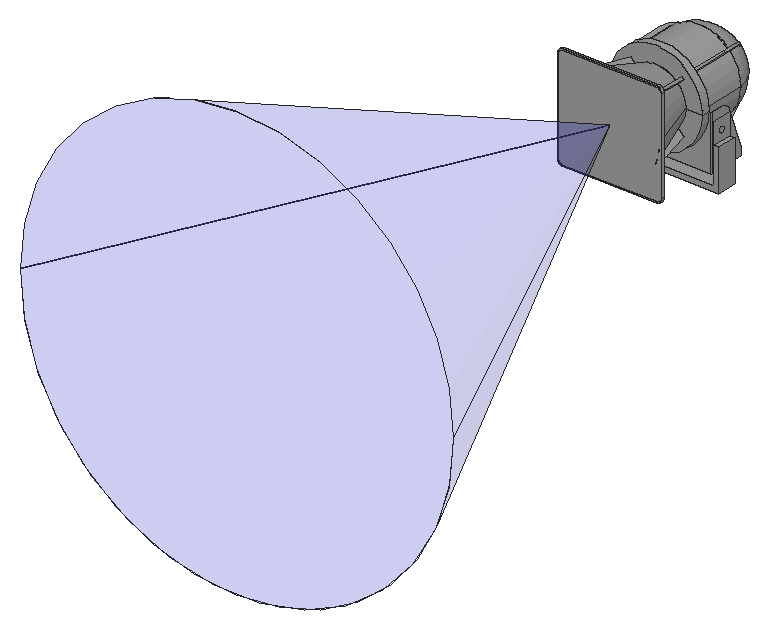
Revit family "AH54-15-BSG", category Communication Devices, Revit 2014
Parameters (values of type "Full-Range, Outdoor, Horn Loudspeaker")
  Speaker Listening Height [instance] = 30.00"
  Speaker Height [instance] = 120.00"
  Speaker Dispersion = 50.00°
  Speaker Cone Visible [instance] = yes
  Cost = 1816.99
  Angle [instance] = 0.00°
  Width = 21.41"
  Weight Product = 87
  Warranty = "5 Year"
  Vertical Symmetry = yes
  URL = "www.atlassound.com"
  Transformer Option = yes
  Specification by User (default) = "TBD"
  Sensitivity = 104
  ScheduleType |RF| = "AtlasIED Master"
  SPL Max = 107
  Rotation = 0.00°
  Product Page URL = "https://www.atlasied.com/Product/ProductDetails?productId=3103"
  Product Documentation Link = "https://www.atlasied.com/f/705/ATS004764%20AH54-15-BSG%20Data%20Sheet%20RevA.pdf"
  Power Rating (RMS) = "250 Watts (53V) RMS"
  Power Handling = 250
  Pitch = 0.00°
  OmniClass Title = "SPEAKERS"
  OmniClass Number = "23-37 17 13 19"
  Mount Material = Default
  Model = "AH54-15-BSG"
  Maximum Output = "128dB"
  MaterFormat Title = "SPEAKERS"
  MasterFormat = "27 41 13"
  Market = "Commercial, Higher Education, Emergency"
  Manufacturer URL = "https://www.atlasied.com"
  Manufacturer Phone = "(800) 876 - 3333"
  Manufacturer Email = "support@atlasied.com"
  Manufacturer Address = "4545 E. Baseline Rd., Phoenix, AZ 85042"
  Manufacturer = "ATLAS SOUND"
  Input Connectors = "Barrier Terminal"
  Ingress Protection = "IP45 When Tilted 5° Downwards"
  Impedance = 8
  IQ Category = "SPEAKERS"
  Height = 23.75"
  Grill Material = QF_Plastic - Black - Fine Textured
  Frequency Response  = "75Hz - 17kHz (±5dB)"
  Family Version [instance] = "2017-01"
  Family Code (default) = "LOUD SPEAKERS"
  Enclosure Material = none
  Dispersion Angle = 1.00°
  Description = "15\" 2-WAY STADIUM HORN LOUDSPEAKER SYSTEM 50° X 40°"
  Depth = 28.75"
  Coverage Vertical = 0.00°
  Coverage Horizontal = 20.00°
  Cost MSRP = 1816.99
  Color = none
  Body Material = Default
  Baffle Material = none
  70V Taps = "32.00 W"
  100V Taps = "32.00 W"
Reference planes (in)
  plane 1 "Center (Front/Back)": y = 0
  plane 2: z = 0
  plane 3 "Center (Left/Right)": x = 0
  plane 4: z = 23.75
  plane 5: x = 10.74701
  plane 6: x = -10.66299
  plane 7: z = 3.5
  plane 8: z = 22.6875
  plane 9: z = 10.125
  plane 10: y = -15.81161
  plane 11: y = 12.93839
  plane 12: y = -14.19524
  plane 13: y = 14.55476
  plane 14: y = 0.77594
Forms (in)
  Extrusion 1, solid, material "Default" <- "Mount Material"
    sketch origin (0, -1.16406, 13.66826) x (0, 0, -1) y (1, 0, 0)
      loop
        line (13.66826, 10.74701) -> (5.66826, 10.74701) -> (5.66826, 9.74701) -> (1.66826, 9.74701) -> (1.66826, 9.64201) -> (5.74123, 9.64201) -> (5.74123, 9.74701) -> (12.66826, 9.74701) -> (12.66826, -9.66299) -> (5.74123, -9.66299) -> (5.74123, -9.55799) -> (1.66826, -9.55799) -> (1.66826, -9.66299) -> (5.66826, -9.66299) -> (5.66826, -10.66299) -> (13.66826, -10.66299) -> (13.66826, 10.74701)
    from 0 to -3.88
  Revolve 2, solid, material "QF_Metal - Stainless - Polished"
    sketch origin (0, -1.23356, 10.125) x (1, 0, 0) y (0, 1, 0)
      loop
        line (1.06703, 2.0095) -> (2.43821, 2.0095) -> (2.43821, 2.2595) -> (1.06703, 2.2595) -> (1.06703, 2.0095)
      axis (1.06703, 2.0095) -> (2.43821, 2.0095)
    angle from 0 <- "Angle" to 225.204
Dimensions and locks (in)
  "Height": plane 4 to level
  "Width": plane 6 to plane 5
  plane 4 to plane 7 = 20.25"
  locked: plane 9 to level at 10.125
  "Depth": plane 12 to plane 13
  aligned and locked: plane 2 to level
Automatic sketch dimensions
  Extrusion 1 sketch curve to plane 5 = 0.00"
  Extrusion 1 sketch curve to plane 6 = 0.00"
  Extrusion 1 sketch curve to level = 0.00"
  level to Extrusion 1 sketch curve = 1.00"
  Extrusion 1 sketch curve to plane 9 = 2.19798"  (x2)
  Extrusion 1 sketch curve to plane 5 = 1.00"
  Extrusion 1 sketch curve to Extrusion 1 sketch curve = 0.07298"  (x2)
  plane 9 to Extrusion 1 sketch curve = 1.875"  (x2)
  plane 6 to Extrusion 1 sketch curve = 1.00"  (x2)
  Extrusion 1 sketch curve to Extrusion 1 sketch curve = 0.105"  (x2)
  Extrusion 1 sketch curve to Extrusion 1 sketch curve = 0.00"
  plane 14 to Revolve 2 sketch curve = 0.00"  (x2)
  plane 3 "Center (Left/Right)" to Revolve 2 sketch curve = 1.06703"
  plane 14 to Revolve 2 sketch curve = 0.25"
  Revolve 2 sketch curve to Revolve 2 sketch curve = 1.37117"
  Revolve 2 sketch curve to Revolve 2 sketch curve = 1.06179"
  Revolve 2 sketch curve to Revolve 2 sketch curve = 0.59789"
Nested families (in)
  nested 1: "AH5415BSG" at (0, 0.17976, 10.125), Speaker Cone Visible <- "Speaker Cone Visible", Speaker Listening Height <- "Speaker Listening Height", Speaker Height <- "Speaker Height", Speaker Dispersion <- "Speaker Dispersion", type "Full-Range, Outdoor, Horn Loudspeaker"
    with Weight Dimensional/Shipping 0, Speaker Listening Height 30.00", Speaker Height 120.00", Speaker Dispersion 50.00°, Speaker Cone Visible yes, Speaker Cone Height 90.00", Radius of Speaker Cone 41.96769", Operating Frequency Range "", Flasher Type "", Flasher Lumens "", Family Version ""
Definition of nested family "AH5415BSG"
  Parameters (values of type "Full-Range, Outdoor, Horn Loudspeaker")
    Woofer Size = 0
    Woofer Impedence = "8Ω Nominal"
    Width = 21.41"
    Weight Product = 87
    Weight Dimensional/Shipping [instance] = 0
    Weight Dimensional = 0
    Warranty = ""
    Voltage DC = ""
    Voltage AC = ""
    Viewable Dimensions (HxW) = 0
    Vertical Symmetry = yes
    URL = "www.atlassound.com"
    Type Driver = "1\" HF & 15\" LF."
    Transformer Option = yes
    Sustainability Rating = ""
    Splay Angle Minimum = 0.00°
    Splay Angle Maximum = 0.00°
    Specification by User (default) = ""
    Specification by Manufacturer = ""
    Speaker Type = "S1"
    Speaker Listening Height [instance] = 30.00"
    Speaker Height [instance] = 120.00"
    Speaker Dispersion [instance] = 50.00°
    Speaker Data Link = ""
    Speaker Cone Visible [instance] = no
    Speaker Cone Height [instance] = (Speaker Height - Speaker Listening Height)  # 90.00"
    Shipping Dimensions = ""
    Serial Number = ""
    Sensitivity 5 = 0
    Sensitivity 4 = 0
    Sensitivity 3 = 0
    Sensitivity 2 = 0
    Sensitivity = 104
    Seismic Rating = ""
    ScheduleType |RF| = "AtlasIED Master"
    Safety Features = ""
    Safety Agency Ratings = ""
    SPL Stimulus = ""
    SPL Measurement Bandwidth = ""
    SPL Max = 107
    Rotation = 0.00°
    Regulatory Compliance = ""
    Recommended Signal Processing = ""
    Recommended Power Amplification = ""
    Radius of Speaker Cone [instance] = (Speaker Cone Height) * tan(Speaker Dispersion / 2)  # 41.96769"
    Product Page URL = "https://www.atlasied.com/Product/ProductDetails?productId=3103"
    Product Documentation Link = "https://www.atlasied.com/f/705/ATS004764%20AH54-15-BSG%20Data%20Sheet%20RevA.pdf"
    Power Standby = 0
    Power Rating (RMS) = "250 Watts (53V) RMS"
    Power Peak = 0
    Power Handling 5 = 0
    Power Handling 4 = 0
    Power Handling 3 = 0
    Power Handling 2 = 0
    Power Handling = 250
    Power Factor = 0
    Power Active = 0
    Pitch = 0.00°
    Part Number = "AH54-15-BSG"
    Outdoor/Weather Rating = ""
    Operation Mode = ""
    Operating Frequency Range [instance] = ""
    OmniClass Title = "SPEAKERS"
    OmniClass Number = "23-37 17 13 19"
    Number of Bands = 0
    Noise = 0
    Mounting/Rigging Provisions = ""
    Mount Material = Default
    Model = "AH54-15-BSG"
    Minimum Impedence = "5.6Ω @ 9000Hz Nominal -6dB Minimum"
    Maximum Output = "128dB"
    Max Input Ratings (8Ω) = ""
    Max Character Height = 0
    MaterFormat Title = ""
    MasterFormat = "27 41 13"
    Market = "Commercial, Higher Education, Emergency"
    Manufacturer URL = "https://www.atlasied.com"
    Manufacturer Phone = "(800) 876 - 3333"
    Manufacturer Email = "support@atlasied.com"
    Manufacturer Address = "4545 E. Baseline Rd., Phoenix, AZ 85042"
    Manufacturer = "ATLAS SOUND"
    Loudspeaker Level = ""
    Input Connectors = "Barrier Terminal, Transformer/ 4Ω Direct"
    Ingress Protection = "IP45 When Tilted 5° Downwards"
    Impedance 5 = 0
    Impedance 4 = 0
    Impedance 3 = 0
    Impedance 2 = 0
    Impedance = 8
    IQ Category = "SPEAKERS"
    Horizontal Symmetry = yes
    Height = 23.75"
    Heat Load Standby = 0
    Heat Load Active = 0
    HF Driver = ""
    Grill Material = QF_Plastic - Black - Fine Textured
    Frequency Response  = "75Hz - 17kHz (±5dB)"
    Flasher Type [instance] = ""
    Flasher Lumens Rating = ""
    Flasher Lumens [instance] = ""
    Family Version [instance] = ""
    Family Code (default) = ""
    Extended Low Frequency Response = "80Hz (–5dB)"
    Environmental Testing = ""
    Enclusure Volume = 2296
    Enclosure Material = none
    Dispersion Angle = 50.00°
    Diameter = 0
    Description = "15\" 2-WAY STADIUM HORN LOUDSPEAKER SYSTEM 50° X 40°"
    Depth = 28.75"
    Cutout Diameter = 0
    Current Draw = 0
    Crossover Frequency = "1.4 kHz"
    Coverage Vertical = 40.00°
    Coverage Horizontal = 50.00°
    Coverage = ""
    Cost MSRP = 1816.99
    Controls = ""
    Communication Ports = ""
    Communication Formats = ""
    Color = none
    Body Material = Default
    Baffle Material = none
    Azimuth = 0.00°
    70V Taps = "32.00 W"
    25V Taps = "0.00 W"
    100V Taps = "32.00 W"
  Reference planes (in)
    plane 1 "Center (Front/Back)": y = 0
    plane 2: z = 0
    plane 3 "Center (Left/Right)": x = 0
    plane 4: z = 23.75
    plane 5: y = 14.375
    plane 6: y = -14.375
    plane 7: x = 10.74701
    plane 8: x = -10.66299
    plane 9: z = 3.5
    plane 10: y = 0.255
    plane 11: z = 22.6875
  Forms (in)
    Extrusion 1, solid, material "QF_Plastic - Black - Fine Textured" <- "Grill Material"
      sketch origin (-5.92216, -14.375, 37.875) x (-1, 0, 0) y (0, 0, 1)
        loop
          arc (4.03208, -25.3125) -> (3.75896, -24.65312) -> (3.09958, -24.38) r 0.9325
          line (3.09958, -24.38) -> (-15.02542, -24.38)
          arc (-15.02542, -24.38) -> (-15.68479, -24.65312) -> (-15.95792, -25.3125) r 0.9325
          line (-15.95792, -25.3125) -> (-15.95792, -43.4375)
          arc (-15.95792, -43.4375) -> (-15.68479, -44.09688) -> (-15.02542, -44.37) r 0.9325
          line (-15.02542, -44.37) -> (3.09958, -44.37)
          arc (3.09958, -44.37) -> (3.75896, -44.09688) -> (4.03208, -43.4375) r 0.9325
          line (4.03208, -43.4375) -> (4.03208, -25.3125)
      from 0 to 0.50586
    Revolve 2, solid, material "Default" <- "Body Material"
      sketch origin (0, 0, 3.54326) x (1, 0, 0) y (0, 1, 0)
        loop
          arc (0, 14.38074) -> (-5.31131, 12.37243) -> (-8.01824, 7.38086) r 8.14198
          line (-8.01824, 7.38086) -> (-8.01824, -1.61914) -> (-9.01924, -1.61914) -> (-9.01924, -3.11884) -> (-5.72654, -3.11884) -> (-9.39746, -13.86914) -> (0, -13.86914) -> (0, 14.38074)
        axis (0, -13.86914) -> (0, 14.38074)
      angle from 0 to 360
    Extrusion 3, solid, material "Default" <- "Body Material"
      sketch origin (-9.66492, 0, -6.12166) x (0, 1, 0) y (0.707107, 0, 0.707107)
        loop
          arc (7.38086, 21.6865) -> (10.49336, 20.66282) -> (12.8478, 18.38417) r 7.32233
          arc (12.8478, 18.38417) -> (9.73484, 21.30118) -> (5.62261, 22.4365) r 8.90911
          line (5.62261, 22.4365) -> (-1.61914, 22.4365) -> (-1.61914, 21.6865) -> (7.38086, 21.6865)
        loop
          line (7.38086, 5.65001) -> (-1.61914, 5.65001) -> (-1.61914, 4.90001) -> (5.62261, 4.90001)
          arc (5.62261, 4.90001) -> (9.73484, 6.03533) -> (12.8478, 8.95234) r 8.90911
          arc (12.8478, 8.95234) -> (10.49336, 6.67369) -> (7.38086, 5.65001) r 7.32233
        loop
          line (-13.86914, 23.31938) -> (-13.86914, 23.06571) -> (-3.11884, 19.3948) -> (-3.11884, 20.9069) -> (-13.86914, 23.31938)
        loop
          line (-13.86914, 4.01713) -> (-3.11884, 6.42961) -> (-3.11884, 7.94171) -> (-13.86914, 4.2708) -> (-13.86914, 4.01713)
      from -0.25 to 0.25
    Extrusion 4, solid, material "Default" <- "Body Material"
      sketch origin (9.66492, 0, -6.12166) x (0, 1, 0) y (0.707107, 0, -0.707107)
        loop
          line (7.38086, -21.6865) -> (-1.61914, -21.6865) -> (-1.61914, -22.4365) -> (5.62261, -22.4365)
          arc (5.62261, -22.4365) -> (9.73484, -21.30118) -> (12.8478, -18.38417) r 8.90911
          arc (12.8478, -18.38417) -> (10.49336, -20.66282) -> (7.38086, -21.6865) r 7.32233
        loop
          arc (7.38086, -5.65001) -> (10.49336, -6.67369) -> (12.8478, -8.95234) r 7.32233
          arc (12.8478, -8.95234) -> (9.73484, -6.03533) -> (5.62261, -4.90001) r 8.90911
          line (5.62261, -4.90001) -> (-1.61914, -4.90001) -> (-1.61914, -5.65001) -> (7.38086, -5.65001)
        loop
          line (-13.86914, -23.31938) -> (-3.11884, -20.9069) -> (-3.11884, -19.3948) -> (-13.86914, -23.06571) -> (-13.86914, -23.31938)
        loop
          line (-13.86914, -4.01713) -> (-13.86914, -4.2708) -> (-3.11884, -7.94171) -> (-3.11884, -6.42961) -> (-13.86914, -4.01713)
      from -0.25 to 0.25
    Extrusion 5, solid, material "Default" <- "Mount Material"
      sketch origin (0, 0, -10.125) x (0, 1, 0) y (0, 0, 1)
        loop
          arc (2.61561, 12.32268) -> (1.88244, 13.26746) -> (0.74124, 13.625) r 2
          line (0.74124, 13.625) -> (-1.61914, 13.625) -> (-1.61914, 3.125) -> (5.48086, 3.125) -> (5.48086, 4.625) -> (2.61561, 12.32268)
      from 9.44326 to 9.54326
    Extrusion 6, solid, material "Default" <- "Mount Material"
      sketch origin (0, 0, -10.125) x (0, 1, 0) y (0, 0, -1)
        loop
          line (2.61561, -12.32268) -> (5.48086, -4.625) -> (5.48086, -3.125) -> (-1.61914, -3.125) -> (-1.61914, -13.625) -> (0.74124, -13.625)
          arc (0.74124, -13.625) -> (1.88244, -13.26746) -> (2.61561, -12.32268) r 2
      from 9.44326 to 9.54326
    Extrusion 7, solid, material "Default" <- "Mount Material"
      sketch origin (0, -1.61914, 3.54326) x (0, 0, -1) y (1, 0, 0)
        loop
          line (0.04326, 9.54326) -> (0.04326, 9.01914)
          arc (0.04326, 9.01914) -> (9.01924, 0) -> (0.04326, -9.01914) r 9.01924
          line (0.04326, -9.01914) -> (0.04326, -9.54326) -> (10.54326, -9.54326) -> (10.54326, 9.54326) -> (0.04326, 9.54326)
      from 0 to 0.13
    Extrusion 8, solid, material "Default" <- "Mount Material"
      sketch origin (-9.66299, -1.74914, 1.875) x (0, 0, -1) y (0, -1, 0)
        loop
          line (1.60422, -2.474) -> (2.14578, -2.474) -> (2.41655, -2.005) -> (2.14578, -1.536) -> (1.60422, -1.536) -> (1.33345, -2.005) -> (1.60422, -2.474)
      from 0 to 0.333
    Extrusion 9, solid, material "Default" <- "Mount Material"
      sketch origin (9.74701, -1.74914, 1.875) x (0, 0, -1) y (0, 1, 0)
        loop
          line (1.60422, 2.474) -> (1.33345, 2.005) -> (1.60422, 1.536) -> (2.14578, 1.536) -> (2.41655, 2.005) -> (2.14578, 2.474) -> (1.60422, 2.474)
      from 0 to 0.333
    Extrusion 10, solid, material "Default" <- "Body Material"
      sketch origin (0, 0, -10.125) x (0, 1, 0) y (0, 0, 1)
        loop
          line (14.69212, 13.875) -> (14.375, 13.875) -> (14.375, 13.375) -> (14.69212, 13.375)
          arc (14.69212, 13.375) -> (15.94915, 13.625) -> (14.69212, 13.875) r 0.65338
        loop
          circle (15.29578, 13.625) r 0.40338
      from -0.08174 to 0.07955
    Extrusion 11, solid, material "Default" <- "Body Material"
      sketch origin (-5.92216, -14.375, 37.875) x (-1, 0, 0) y (0, 0, 1)
        loop
          arc (-16.08792, -43.4375) -> (-15.77672, -44.1888) -> (-15.02542, -44.5) r 1.0625
          line (-15.02542, -44.5) -> (3.09958, -44.5)
          arc (3.09958, -44.5) -> (3.85089, -44.1888) -> (4.16208, -43.4375) r 1.0625
          line (4.16208, -43.4375) -> (4.16208, -25.3125)
          arc (4.16208, -25.3125) -> (3.85089, -24.5612) -> (3.09958, -24.25) r 1.0625
          line (3.09958, -24.25) -> (-15.02542, -24.25)
          arc (-15.02542, -24.25) -> (-15.77672, -24.5612) -> (-16.08792, -25.3125) r 1.0625
          line (-16.08792, -25.3125) -> (-16.08792, -43.4375)
        loop
          arc (-15.02542, -24.38) -> (-15.68479, -24.65312) -> (-15.95792, -25.3125) r 0.9325
          line (-15.95792, -25.3125) -> (-15.95792, -43.4375)
          arc (-15.95792, -43.4375) -> (-15.68479, -44.09688) -> (-15.02542, -44.37) r 0.9325
          line (-15.02542, -44.37) -> (3.09958, -44.37)
          arc (3.09958, -44.37) -> (3.75896, -44.09688) -> (4.03208, -43.4375) r 0.9325
          line (4.03208, -43.4375) -> (4.03208, -25.3125)
          arc (4.03208, -25.3125) -> (3.75896, -24.65312) -> (3.09958, -24.38) r 0.9325
          line (3.09958, -24.38) -> (-15.02542, -24.38)
      from 0 to 0.50586
    Extrusion 12, solid, material "Default" <- "Body Material"
      sketch origin (-5.92216, -13.86914, 37.875) x (-1, 0, 0) y (0, 0, 1)
        loop
          arc (4.03208, -25.3125) -> (3.75896, -24.65312) -> (3.09958, -24.38) r 0.9325
          line (3.09958, -24.38) -> (-15.02542, -24.38)
          arc (-15.02542, -24.38) -> (-15.68479, -24.65312) -> (-15.95792, -25.3125) r 0.9325
          line (-15.95792, -25.3125) -> (-15.95792, -43.4375)
          arc (-15.95792, -43.4375) -> (-15.68479, -44.09688) -> (-15.02542, -44.37) r 0.9325
          line (-15.02542, -44.37) -> (3.09958, -44.37)
          arc (3.09958, -44.37) -> (3.75896, -44.09688) -> (4.03208, -43.4375) r 0.9325
          line (4.03208, -43.4375) -> (4.03208, -25.3125)
      from 0 to 0.13
    Blend 13, solid, material "Glass", visible <- "Speaker Cone Visible"
      base sketch origin (0, -14.375, 3.40479) x (1, 0, 0) y (0, 0, 1)
        loop
          circle (0, 0.09521) r 41.96769
      top sketch origin (0, -14.375, 3.40479) x (1, 0, 0) y (0, 0, 1)
        loop
          circle (0, 0.09521) r 0.13513
      from 90 <- "Speaker Cone Height" to 0
  Lines and regions (in)
    symbolic lines
      curve 1: line (-10.08424, -13.86914, 0) -> (10.16576, -13.86914, 0)
      curve 2: line (-10.08424, -14.375, 0) -> (-10.08424, -13.86914, 0)
      curve 3: line (10.16576, -14.375, 0) -> (-10.08424, -14.375, 0)
      curve 4: line (10.16576, -13.86914, 0) -> (10.16576, -14.375, 0)
      curve 5: line (5.29527, -3.11884, 0) -> (7.00115, -13.86914, 0)
      curve 6: line (6.6476, -13.86914, 0) -> (4.94172, -3.11884, 0)
      curve 7: line (3.8725, -3.11884, 0) -> (6.46823, -13.86914, 0)
      curve 8: line (-9.01924, -3.11884, 0) -> (9.01924, -3.11884, 0)
      curve 9: line (9.01924, -3.11884, 0) -> (9.01924, -1.74914, 0)
      curve 10: line (10.74701, -1.74914, 0) -> (-10.66299, -1.74914, 0)
      curve 11: line (-10.66299, -1.74914, 0) -> (-10.66299, 2.13086, 0)
      curve 12: line (-6.46823, -13.86914, 0) -> (-3.8725, -3.11884, 0)
      curve 13: line (-4.94172, -3.11884, 0) -> (-6.6476, -13.86914, 0)
      curve 14: line (-7.00115, -13.86914, 0) -> (-5.29527, -3.11884, 0)
      curve 15: line (-9.33424, -13.86914, 0) -> (-5.63262, -3.11884, 0)
      curve 16: line (-9.01924, -3.11884, 0) -> (-9.01924, -1.74914, 0)
      curve 17: line (-9.44326, 5.48086, 0) -> (-9.54326, 5.48086, 0)
      curve 18: line (-9.54326, 5.48086, 0) -> (-9.54326, -1.74914, 0)
      curve 19: line (-9.44326, 5.48086, 0) -> (-9.44326, -1.76914, 0)
      curve 20: line (-10.66299, 2.13086, 0) -> (-9.54326, 2.13086, 0)
      curve 21: line (10.74701, 2.13086, 0) -> (10.74701, -1.74914, 0)
      curve 22: line (10.74701, 2.13086, 0) -> (9.54326, 2.13086, 0)
      curve 23: line (9.54326, 5.48086, 0) -> (9.44326, 5.48086, 0)
      curve 24: line (9.44326, 5.48086, 0) -> (9.44326, -1.61914, 0)
      curve 25: line (9.54326, 5.48086, 0) -> (9.54326, -1.74914, 0)
      curve 26: line (9.44326, 2.13086, 0) -> (8.01924, 2.13086, 0)
      curve 27: line (9.54326, -1.61914, 0) -> (-9.44326, -1.61914, 0)
      curve 28: line (-8.01924, -1.61914, 0) -> (-8.01924, 7.38086, 0)
      curve 29: arc (-8.01924, 7.38086, 0) -> (-5.30616, 12.3645, 0) -> (0, 14.37501, 0) r 8.16145
      curve 30: line (8.01924, -1.61914, 0) -> (8.01924, 7.38086, 0)
      curve 31: arc (8.01924, 7.38086, 0) -> (5.30616, 12.3645, 0) -> (0, 14.37501, 0) r 8.16145
      curve 32: line (-6.02331, 5.62261, 0) -> (-6.02331, -1.61914, 0)
      curve 33: line (-6.37686, -1.61914, 0) -> (-6.37686, 5.62261, 0)
      curve 34: line (-5.49298, -1.61914, 0) -> (-5.49298, 7.38086, 0)
      curve 35: spline (-3.15788, 12.8478, 0) -> (-3.57203, 12.43284, 0) -> (-3.96121, 11.97208, 0) -> (-4.3229, 11.4685, 0) -> (-4.65475, 10.92538, 0) -> (-4.9546, 10.34624, 0) -> (-5.22052, 9.73484, 0) -> (-5.45077, 9.09516, 0) -> (-5.64386, 8.43134, 0) -> (-5.79853, 7.74768, 0) -> (-5.91378, 7.04864, 0) -> (-5.98887, 6.33875, 0) -> (-6.02331, 5.62261, 0)
      curve 36: spline (-6.37686, 5.62261, 0) -> (-6.34243, 6.33875, 0) -> (-6.26734, 7.04864, 0) -> (-6.15208, 7.74768, 0) -> (-5.99741, 8.43134, 0) -> (-5.80432, 9.09516, 0) -> (-5.57407, 9.73484, 0) -> (-5.30816, 10.34624, 0) -> (-5.0083, 10.92538, 0) -> (-4.67645, 11.4685, 0) -> (-4.31476, 11.97208, 0) -> (-3.92558, 12.43284, 0) -> (-3.51143, 12.8478, 0)
      curve 37: spline (3.15788, 12.8478, 0) -> (3.47617, 12.53069, 0) -> (3.77672, 12.18066, 0) -> (4.05782, 11.79967, 0) -> (4.31788, 11.38989, 0) -> (4.55543, 10.95363, 0) -> (4.76912, 10.49336, 0) -> (4.95776, 10.01168, 0) -> (5.12027, 9.51132, 0) -> (5.25574, 8.9951, 0) -> (5.36339, 8.46595, 0) -> (5.44262, 7.92685, 0) -> (5.49298, 7.38086, 0)
      curve 38: line (5.49298, 7.38086, 0) -> (5.49298, -1.61914, 0)
      curve 39: line (6.02331, -1.61914, 0) -> (6.02331, 5.62261, 0)
      curve 40: line (6.37686, 5.62261, 0) -> (6.37686, -1.61914, 0)
      curve 41: spline (3.51143, 12.8478, 0) -> (3.92558, 12.43284, 0) -> (4.31476, 11.97208, 0) -> (4.67645, 11.4685, 0) -> (5.0083, 10.92538, 0) -> (5.30816, 10.34624, 0) -> (5.57407, 9.73484, 0) -> (5.80432, 9.09516, 0) -> (5.99741, 8.43134, 0) -> (6.15208, 7.74768, 0) -> (6.26734, 7.04864, 0) -> (6.34243, 6.33875, 0) -> (6.37686, 5.62261, 0)
      curve 42: spline (6.02331, 5.62261, 0) -> (5.98887, 6.33875, 0) -> (5.91378, 7.04864, 0) -> (5.79853, 7.74768, 0) -> (5.64386, 8.43134, 0) -> (5.45077, 9.09516, 0) -> (5.22052, 9.73484, 0) -> (4.9546, 10.34624, 0) -> (4.65475, 10.92538, 0) -> (4.3229, 11.4685, 0) -> (3.96121, 11.97208, 0) -> (3.57203, 12.43284, 0) -> (3.15788, 12.8478, 0)
      curve 43: line (3.15788, 12.8478, 0) -> (3.51143, 12.8478, 0)
      curve 44: line (-3.51143, 12.8478, 0) -> (-3.15788, 12.8478, 0)
      curve 45: spline (-5.49298, 7.38086, 0) -> (-5.44262, 7.92685, 0) -> (-5.36339, 8.46595, 0) -> (-5.25574, 8.9951, 0) -> (-5.12027, 9.51132, 0) -> (-4.95776, 10.01168, 0) -> (-4.76912, 10.49336, 0) -> (-4.55543, 10.95363, 0) -> (-4.31788, 11.38989, 0) -> (-4.05782, 11.79967, 0) -> (-3.77672, 12.18066, 0) -> (-3.47617, 12.53069, 0) -> (-3.15788, 12.8478, 0)
      curve 46: line (-0.08174, 15.94915, 0) -> (0.07955, 15.94915, 0)
      curve 47: line (-0.08174, 14.37405, 0) -> (-0.08174, 15.94915, 0)
      curve 48: line (0.07955, 14.37405, 0) -> (-0.08174, 14.37405, 0)
      curve 49: line (0.07955, 15.94915, 0) -> (0.07955, 14.37405, 0)
      curve 50: line (-9.44326, 2.13086, 0) -> (-8.01924, 2.13086, 0)
      curve 51: line (9.33424, -13.86914, 0) -> (5.63262, -3.11884, 0)
    symbolic lines, style "Sound Projection Average", visible <- "Speaker Cone Visible"
      curve 52: line (-41.96769, -104.375, 0) -> (41.96769, -104.375, 0)
      curve 53: line (-41.96769, -104.375, 0) -> (-0.14136, -14.375, 0)
      curve 54: line (41.96769, -104.375, 0) -> (0.14136, -14.375, 0)
  Dimensions and locks (in)
    "Height": plane 4 to level
    "Depth": plane 5 to plane 6
    "Width": plane 8 to plane 7
    plane 4 to plane 9 = 20.25"
    plane 10 to plane 6 = 14.63"
    "Radius of Speaker Cone": radius of Blend 13 sketch curve
    aligned and locked: plane 2 to level
    aligned and locked: Blend 13 to curve 52
  Automatic sketch dimensions
    Extrusion 1 sketch curve to plane 7 = 0.71125"
    Extrusion 1 sketch curve to Extrusion 1 sketch curve = 0.9325"  (x2)
    plane 8 to Extrusion 1 sketch curve = 1.64125"  (x2)
    plane 8 to Extrusion 1 sketch curve = 0.70875"
    Extrusion 1 sketch curve to level = 6.495"
    Extrusion 1 sketch curve to plane 9 = 9.0625"
    Revolve 2 sketch curve to plane 3 "Center (Left/Right)" = 0.00"  (x2)
    plane 8 to Revolve 2 sketch curve = 4.93645"
    plane 8 to Revolve 2 sketch curve = 2.64475"
    Revolve 2 sketch curve to Revolve 2 sketch curve = 1.001"
    plane 6 to Revolve 2 sketch curve = 0.50586"
    plane 8 to Revolve 2 sketch curve = 1.26554"
    plane 3 "Center (Left/Right)" to Revolve 2 sketch curve = 0.04326"
    plane 1 "Center (Front/Back)" to Revolve 2 sketch curve = 3.11884"
    Revolve 2 sketch curve to Revolve 2 sketch curve = 1.4997"
    plane 10 to Revolve 2 sketch curve = 5.98387"
    Revolve 2 sketch curve to plane 5 = 6.99414"
    Revolve 2 sketch curve to Revolve 2 sketch curve = 7.00011"
    Revolve 2 sketch curve to Revolve 2 sketch curve = 0.75"
    plane 6 to Extrusion 3 sketch curve = 0.50586"  (x2)
    plane 1 "Center (Front/Back)" to Extrusion 3 sketch curve = 3.11884"  (x2)
    plane 1 "Center (Front/Back)" to Extrusion 3 sketch curve = 1.61914"  (x2)
    plane 10 to Extrusion 3 sketch curve = 5.12173"
    Extrusion 3 sketch curve to Extrusion 3 sketch curve = 0.00"  (x2)
    plane 10 to Extrusion 3 sketch curve = 5.36761"  (x2)
    Extrusion 3 sketch curve to Extrusion 3 sketch curve = 1.33066"
    Extrusion 3 sketch curve to Extrusion 3 sketch curve = 1.75825"  (x2)
    Extrusion 3 sketch curve to Extrusion 3 sketch curve = 0.25366"  (x2)
    Extrusion 3 sketch curve to Extrusion 3 sketch curve = 0.62921"
    Extrusion 3 sketch curve to Extrusion 3 sketch curve = 0.75"  (x2)
    Extrusion 3 sketch curve to Extrusion 3 sketch curve = 0.7796"  (x2)
    Extrusion 3 sketch curve to Extrusion 3 sketch curve = 1.5121"  (x2)
    Extrusion 3 sketch curve to Extrusion 3 sketch curve = 7.29129"
    Extrusion 3 sketch curve to Extrusion 3 sketch curve = 0.58948"
    Extrusion 3 sketch curve to Extrusion 3 sketch curve = 0.27494"
    Extrusion 3 sketch curve to Extrusion 3 sketch curve = 1.45391"
    Extrusion 3 sketch curve to Extrusion 3 sketch curve = 5.58907"
    Extrusion 3 sketch curve to Extrusion 3 sketch curve = 2.15881"
    plane 6 to Extrusion 4 sketch curve = 0.50586"  (x2)
    plane 1 "Center (Front/Back)" to Extrusion 4 sketch curve = 3.11884"  (x2)
    plane 1 "Center (Front/Back)" to Extrusion 4 sketch curve = 1.61914"  (x2)
    plane 10 to Extrusion 4 sketch curve = 5.12173"
    Extrusion 4 sketch curve to Extrusion 4 sketch curve = 0.00"  (x2)
    plane 10 to Extrusion 4 sketch curve = 5.36761"  (x2)
    Extrusion 4 sketch curve to Extrusion 4 sketch curve = 1.33066"
    Extrusion 4 sketch curve to Extrusion 4 sketch curve = 1.75825"  (x2)
    Extrusion 4 sketch curve to Extrusion 4 sketch curve = 0.25366"  (x2)
    Extrusion 4 sketch curve to Extrusion 4 sketch curve = 0.62921"
    Extrusion 4 sketch curve to Extrusion 4 sketch curve = 0.75"  (x2)
    Extrusion 4 sketch curve to Extrusion 4 sketch curve = 0.7796"  (x2)
    Extrusion 4 sketch curve to Extrusion 4 sketch curve = 1.5121"  (x2)
    Extrusion 4 sketch curve to Extrusion 4 sketch curve = 7.29129"
    Extrusion 4 sketch curve to Extrusion 4 sketch curve = 0.58948"
    Extrusion 4 sketch curve to Extrusion 4 sketch curve = 0.27494"
    Extrusion 4 sketch curve to Extrusion 4 sketch curve = 1.45391"
    Extrusion 4 sketch curve to Extrusion 4 sketch curve = 5.58907"
    Extrusion 4 sketch curve to Extrusion 4 sketch curve = 2.15881"
    plane 9 to Extrusion 5 sketch curve = 0.00"
    plane 1 "Center (Front/Back)" to Extrusion 5 sketch curve = 1.61914"
    plane 10 to Extrusion 5 sketch curve = 0.48624"
    plane 9 to Extrusion 5 sketch curve = 1.30232"
    Extrusion 5 sketch curve to Extrusion 5 sketch curve = 1.87436"
    plane 10 to Extrusion 5 sketch curve = 5.22586"
    Extrusion 5 sketch curve to level = 5.50"
    Extrusion 5 sketch curve to level = 7.00"
    plane 9 to Extrusion 6 sketch curve = 0.00"
    plane 1 "Center (Front/Back)" to Extrusion 6 sketch curve = 1.61914"
    plane 10 to Extrusion 6 sketch curve = 0.48624"
    plane 9 to Extrusion 6 sketch curve = 1.30232"
    Extrusion 6 sketch curve to Extrusion 6 sketch curve = 1.87436"
    plane 10 to Extrusion 6 sketch curve = 5.22586"
    Extrusion 6 sketch curve to level = 5.50"
    Extrusion 6 sketch curve to Extrusion 6 sketch curve = 1.50"
    Extrusion 7 sketch curve to Extrusion 5 = 0.00"  (x3)
    Extrusion 5 to Extrusion 7 sketch curve = 0.00"
    Extrusion 7 sketch curve to Extrusion 5 = 0.04326"
    Extrusion 7 sketch curve to Extrusion 5 = 0.42411"
    Extrusion 7 sketch curve to Extrusion 7 sketch curve = 9.01914"
    Extrusion 7 sketch curve to Extrusion 7 sketch curve = 0.52411"
    plane 10 to Extrusion 8 sketch curve = 0.00086"  (x2)
    level to Extrusion 8 sketch curve = 0.54155"
    level to Extrusion 8 sketch curve = 0.27078"  (x2)
    Extrusion 8 sketch curve to level = 0.27078"  (x2)
    Extrusion 8 sketch curve to level = 0.54155"
    plane 10 to Extrusion 8 sketch curve = 0.46986"
    plane 1 "Center (Front/Back)" to Extrusion 8 sketch curve = 0.21314"
    plane 10 to Extrusion 9 sketch curve = 0.00086"  (x2)
    level to Extrusion 9 sketch curve = 0.54155"
    level to Extrusion 9 sketch curve = 0.27078"  (x2)
    Extrusion 9 sketch curve to level = 0.27078"  (x2)
    Extrusion 9 sketch curve to Extrusion 9 sketch curve = 0.27078"
    plane 1 "Center (Front/Back)" to Extrusion 9 sketch curve = 0.21314"
    plane 10 to Extrusion 9 sketch curve = 0.46986"
    Extrusion 10 sketch curve to Extrusion 10 sketch curve = 0.00"  (x2)
    Extrusion 10 sketch curve to plane 5 = 0.00"
    plane 9 to Extrusion 10 sketch curve = 0.00"
    plane 5 to Extrusion 10 sketch curve = 0.31712"
    Extrusion 10 sketch curve to plane 9 = 0.25"
    Extrusion 10 sketch curve to Extrusion 10 sketch curve = 0.31712"
    Extrusion 10 sketch curve to Extrusion 10 sketch curve = 0.60366"
    Extrusion 11 sketch curve to Extrusion 11 sketch curve = 0.00"  (x8)
    Extrusion 11 sketch curve to plane 7 = 0.58125"
    Extrusion 11 sketch curve to Extrusion 11 sketch curve = 0.13"
    Extrusion 11 sketch curve to Extrusion 11 sketch curve = 0.9325"  (x2)
    plane 8 to Extrusion 11 sketch curve = 1.64125"  (x2)
    plane 8 to Extrusion 11 sketch curve = 0.70875"
    Extrusion 11 sketch curve to level = 6.625"
    Extrusion 11 sketch curve to plane 9 = 9.0625"
    Extrusion 11 to Extrusion 12 sketch curve = 0.9325"  (x2)
    Blend 13 sketch curve to plane 3 "Center (Left/Right)" = 0.00"  (x2)
    Blend 13 sketch curve to plane 9 = 0.00"  (x2)
    curve 20 to plane 8 = 0.00"
    curve 2 to plane 6 = 0.00"
    curve 29 to plane 3 "Center (Left/Right)" = 0.00"
    curve 21 to plane 7 = 0.00"
    curve 52 to plane 8 = 31.30469"
    plane 8 to curve 1 = 0.57875"
    plane 8 to curve 18 = 1.11974"
    curve 17 to curve 17 = 0.10"
    curve 19 to curve 8 = 0.42401"
    curve 17 to curve 28 = 1.42401"
    curve 28 to curve 33 = 1.64238"
    curve 36 to curve 32 = 0.35355"
    curve 35 to curve 34 = 0.53033"
    curve 44 to plane 5 = 1.5272"
    curve 44 to plane 3 "Center (Left/Right)" = 3.51143"
    curve 36 to curve 44 = 0.35355"
    curve 46 to plane 3 "Center (Left/Right)" = 0.08174"
    curve 31 to plane 3 "Center (Left/Right)" = 0.05832"
    plane 3 "Center (Left/Right)" to curve 29 = 0.05832"
    curve 49 to plane 5 = 0.00095"
    plane 3 "Center (Left/Right)" to curve 49 = 0.07955"
    curve 43 to plane 5 = 1.5272"
    plane 3 "Center (Left/Right)" to curve 43 = 3.15788"
    curve 43 to curve 43 = 0.35355"
    curve 38 to plane 7 = 5.25403"
    curve 38 to curve 39 = 0.53033"
    curve 42 to curve 40 = 0.35355"
    curve 40 to curve 30 = 1.64238"
    curve 9 to plane 7 = 1.72776"
    curve 23 to plane 7 = 1.30375"
    curve 23 to curve 25 = 0.10"
    curve 4 to plane 7 = 0.58125"
    plane 7 to curve 54 = 31.22068"
    plane 6 to curve 2 = 0.50586"
    plane 1 "Center (Front/Back)" to curve 9 = 3.11884"
    plane 1 "Center (Front/Back)" to curve 11 = 1.74914"
    plane 10 to curve 11 = 1.87586"
    plane 10 to curve 22 = 1.87586"
    curve 22 to curve 23 = 3.35"
    curve 20 to curve 17 = 3.35"
    curve 17 to curve 32 = 0.14175"
    curve 33 to curve 32 = 0.00"
    curve 23 to curve 40 = 0.14175"
    curve 39 to curve 40 = 0.00"
    plane 10 to curve 29 = 5.95877"
    curve 31 to curve 29 = 0.00"
    curve 17 to curve 28 = 1.90"
    curve 39 to curve 38 = 1.75825"
    curve 35 to curve 34 = 1.75825"
    plane 5 to curve 47 = 1.57415"
    curve 1 to curve 15 = 0.75"
    curve 15 to curve 14 = 2.33309"
    curve 14 to curve 13 = 0.35355"  (x2)
    curve 13 to curve 12 = 0.17937"
    curve 15 to curve 34 = 0.13964"
    curve 15 to curve 14 = 0.33735"
    curve 13 to curve 12 = 1.06922"
    curve 45 to plane 3 "Center (Left/Right)" = 0.33726"
    curve 42 to plane 3 "Center (Left/Right)" = 0.27398"
    curve 53 to plane 3 "Center (Left/Right)" = 0.14136"
    curve 36 to plane 3 "Center (Left/Right)" = 0.07957"
    plane 3 "Center (Left/Right)" to curve 41 = 0.07957"
    plane 3 "Center (Left/Right)" to curve 54 = 0.14136"
    curve 35 to plane 5 = 0.08916"
    curve 41 to curve 35 = 0.19441"
    curve 35 to curve 37 = 0.06327"
    curve 7 to curve 38 = 1.62048"
    curve 7 to curve 6 = 1.06922"
    curve 6 to curve 5 = 0.35355"  (x2)
    curve 5 to curve 51 = 0.33735"
    curve 7 to curve 1 = 3.69752"
    curve 7 to curve 6 = 0.17937"
    curve 51 to curve 1 = 0.83151"
    curve 19 to curve 18 = 0.02"
    curve 51 to curve 39 = 1.4997"
    curve 26 to curve 22 = 0.00"
    curve 20 to curve 50 = 0.00"
    curve 36 to curve 35 = 0.00"
    curve 42 to curve 36 = 0.00"
    curve 36 to curve 41 = 0.00"
    curve 29 to curve 37 = 0.49362"
    curve 31 to curve 45 = 0.49362"
    radius of Extrusion 10 sketch curve = 0.40338"
    radius of Extrusion 12 sketch curve to Extrusion 11 = 0.00"  (x2)
    radius of Blend 13 sketch curve = 0.13513"
  Nested families (in)
    nested 1: "Speaker Annotation" at (0, 0, 0), Speaker Type <- "Speaker Type", type "Data Annotation"
      with Speaker Type "S1"
  Definition of nested family "Speaker Annotation"
    Parameters (values of type "Data Annotation")
      Speaker Type [instance] = ""
    Reference planes (in)
      plane 1: y = 0
      plane 2: x = 0
    Lines and regions (in)
      detail lines, style "Data Device"
        curve 1: circle (-0.00295, 0.00032, 0) r 0.09489 normal (0, 0, 1)
    Text (in)
      label "S1" at (0.00193, -0.00496, 0), shows "Speaker Type"
